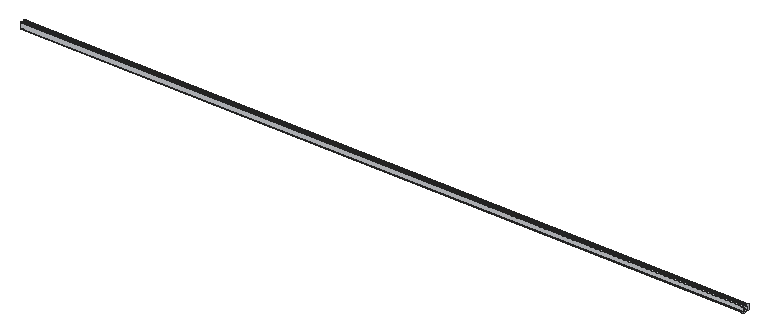
Revit family "Montageschiene 45- 45-1,5  6m fbv Langloch 2D", category HLS-Bauteile, Revit 2023
Family settings
  Bemaßung runder Anschluss = Durchmesser verwenden
  Teiletyp = Normal
  Arbeitsebenenbasiert = Ja
  Immer vertikal = Nein
  Beim Laden mit Abzugskörper schneiden = Nein
  Beschriftungsausrichtung beibehalten = Nein
  Gemeinsam genutzt = Ja
  Raumberechnungspunkt = Nein
Parameters
  vpe = "60"
  Widerstandsmoment Wz = "3.71 cm³"
  Widerstandsmoment Wy = "2.71 cm³"
  Default Elevation = 1219.2 mm
  Trägheitsradius iz = "1.91 cm"
  Trägheitsradius iy = "1.64 cm"
  Torsionswiderstandsmoment Wt = " cm³"
  Stärke = 1.5 mm
  Streckgrenze = "250 N/mm²"
  Schwerpunktabstand ez = "2.25 cm"
  Schwerpunktabstand eu = "2.27 cm"
  Schwerpunktabstand eo = "2.23 cm"
  Schlitzbreite = "22 mm"
  Regelhalter [instance] = ""
  Profiltyp = "45/45"
  Profil = "C-Profil"
  Oberflaeche = "feuerbandverzinkt"
  Montagelänge [instance] = 6000 mm
  Mengeneinheit = "m"
  Materialname = "S250"
  Material = "Stahl"
  Länge = 6000 mm
  Lochdurchmesser = "14.00 mm"
  Langloch = "14.0 x 45.0 mm"
  Kurztext2 = "45 / 45 / 1,5 mm L= 6 m fbv"
  Kurztext1 = "Montageschiene C-Profil"
  Höhe = "45 mm"
  Gewicht pro Stück [instance] = (Gewicht * Montagelänge / (1000 mm * 1000 mm)) * 1000 mm  # 11.34 kg
  Gewicht pro Bauteil [instance] = Gewicht pro Stück  # 11.34 kg
  Gewicht = 1.89 kg
  Gesamtlänge [instance] = Montagelänge  # 6000 mm
  Gesamtgewicht [instance] = Gewicht pro Bauteil  # 11.34 kg
  Fläche (schwächster Profilquerschnitt) = 0.000229 m²
  Firma = "MEFA Befestigungs- und Montagesysteme GmbH"
  Fabrikat = "MEFA"
  Erweiterung Langloch = " mm"
  EAN = "4250928448071"
  Bund = "360 m"
  Breite = 45 mm
  Artikelnummer = "082045615"
  Anzahl Langloch [instance] = Montagelänge / 105 mm  # 57
  Abmessung = "45/45/1.5 mm"
Reference planes
  plane 1 "Mitte (Vorne/hinten)": y = 0
  plane 2: z = 0
  plane 3 "Mitte (Links/rechts)": x = 0
  plane 4: x = 6000
Forms (mm)
  Extrusion 1, solid, detail levels fine
    sketch origin (0, 0, 0) x (0, 1, 0) y (0, 0, 1)
      loop
        arc (19, 0) -> (20.768, 0.732) -> (21.5, 2.5) r 2.5
        line (21.5, 2.5) -> (21.5, 42)
        arc (21.5, 42) -> (20.621, 44.121) -> (18.5, 45) r 3
        line (18.5, 45) -> (12, 45)
        arc (12, 45) -> (11.293, 44.707) -> (11, 44) r 1
        line (11, 44) -> (11, 37.5) -> (12.5, 37.5) -> (12.5, 43.5) -> (18.5, 43.5)
        arc (18.5, 43.5) -> (19.561, 43.061) -> (20, 42) r 1.5
        line (20, 42) -> (20, 2.5)
        arc (20, 2.5) -> (19.707, 1.793) -> (19, 1.5) r 1
        line (19, 1.5) -> (-19, 1.5)
        arc (-19, 1.5) -> (-19.707, 1.793) -> (-20, 2.5) r 1
        line (-20, 2.5) -> (-20, 42)
        arc (-20, 42) -> (-19.561, 43.061) -> (-18.5, 43.5) r 1.5
        line (-18.5, 43.5) -> (-12.5, 43.5) -> (-12.5, 37.5) -> (-11, 37.5) -> (-11, 44)
        arc (-11, 44) -> (-11.293, 44.707) -> (-12, 45) r 1
        line (-12, 45) -> (-18.5, 45)
        arc (-18.5, 45) -> (-20.621, 44.121) -> (-21.5, 42) r 3
        line (-21.5, 42) -> (-21.5, 2.5)
        arc (-21.5, 2.5) -> (-20.768, 0.732) -> (-19, 0) r 2.5
        line (-19, 0) -> (19, 0)
    from 0 to 6000
  Extrusion 2, solid, detail levels medium
    sketch origin (0, 0, 0) x (0, 1, 0) y (0, 0, 1)
      loop
        line (21.5, 0) -> (21.5, 45) -> (11, 45) -> (11, 37.5) -> (12.5, 37.5) -> (12.5, 43.5) -> (20, 43.5) -> (20, 1.5) -> (-20, 1.5) -> (-20, 43.5) -> (-12.5, 43.5) -> (-12.5, 37.5) -> (-11, 37.5) -> (-11, 45) -> (-21.5, 45) -> (-21.5, 0) -> (21.5, 0)
    from 0 to 6000
  Extrusion 3, solid, detail levels coarse
    sketch origin (0, 0, 0) x (0, 1, 0) y (0, 0, 1)
      loop
        line (21.5, 0) -> (21.5, 45) -> (-21.5, 45) -> (-21.5, 0) -> (21.5, 0)
    from 0 to 6000
Dimensions and locks
  "Montagelänge": plane 4 to plane 3 "Mitte (Links/rechts)"
  equal spacing: group 1, group 2, group 3, group 4, group 5, group 6, group 7, group 8, group 9, group 10, group 11, group 12, group 13, group 14, group 15, group 16, group 17, group 18, group 19, group 20, group 21, group 22, group 23, group 24, group 25, group 26, group 27, group 28, group 29, group 30, group 31, group 32, group 33, group 34, group 35, group 36, group 37, group 38, group 39, group 40, group 41, group 42, group 43, group 44, group 45, group 46, group 47, group 48, group 49, group 50, group 51, group 52, group 53, group 54, group 55, group 56, group 57  (x3)
  aligned and locked: level to plane 2
  aligned and locked: plane 4 to Extrusion 1
  aligned and locked: Extrusion 1 to plane 4
  aligned and locked: plane 4 to Extrusion 2
  aligned and locked: plane 4 to Extrusion 3
  aligned and locked: Extrusion 1 to plane 3 "Mitte (Links/rechts)"
  aligned and locked: Extrusion 2 to plane 3 "Mitte (Links/rechts)"
  aligned and locked: Extrusion 3 to plane 3 "Mitte (Links/rechts)"
  aligned and locked: nested 1 to plane 1 "Mitte (Vorne/hinten)"
Automatic sketch dimensions
  Extrusion 1 sketch curve to Extrusion 1 sketch curve = 0 mm  (x9)
  Extrusion 1 sketch curve to level = 0 mm
  level to Extrusion 1 sketch curve = 2.5 mm
  plane 1 "Mitte (Vorne/hinten)" to Extrusion 1 sketch curve = 21.5 mm
  Extrusion 1 sketch curve to Extrusion 1 sketch curve = 1 mm  (x3)
  Extrusion 1 sketch curve to Extrusion 1 sketch curve = 1.5 mm  (x2)
  Extrusion 1 sketch curve to Extrusion 1 sketch curve = 6 mm  (x2)
  Extrusion 1 sketch curve to Extrusion 1 sketch curve = 0.5 mm  (x2)
  Extrusion 1 sketch curve to plane 1 "Mitte (Vorne/hinten)" = 11 mm
  Extrusion 1 sketch curve to plane 1 "Mitte (Vorne/hinten)" = 19 mm
  Extrusion 1 sketch curve to Extrusion 1 sketch curve = 35 mm
  Extrusion 1 sketch curve to Extrusion 1 sketch curve = 4.5 mm  (x2)
  plane 1 "Mitte (Vorne/hinten)" to Extrusion 2 sketch curve = 21.5 mm
  Extrusion 2 sketch curve to Extrusion 2 sketch curve = 1.5 mm  (x7)
  Extrusion 2 sketch curve to plane 1 "Mitte (Vorne/hinten)" = 11 mm
  Extrusion 2 sketch curve to Extrusion 2 sketch curve = 0 mm
  Extrusion 2 sketch curve to Extrusion 2 sketch curve = 6 mm  (x2)
  Extrusion 2 sketch curve to Extrusion 2 sketch curve = 7.5 mm  (x2)
  level to Extrusion 2 sketch curve = 0 mm
  Extrusion 2 sketch curve to Extrusion 2 sketch curve = 36 mm
  Extrusion 3 sketch curve to level = 0 mm
  plane 1 "Mitte (Vorne/hinten)" to Extrusion 3 sketch curve = 21.5 mm
  Extrusion 3 sketch curve to plane 1 "Mitte (Vorne/hinten)" = 21.5 mm
  Extrusion 3 sketch curve to Extrusion 3 sketch curve = 45 mm
Nested families
  nested 1: "Langloch 14 x 45 14 2D" at (52.498, 0, 0) x (1, 0, 0) z (0, 0, -1), type "Langloch 14 x 45 14 2D", detail levels fine
  nested 2: "Langloch 14 x 45 14 2D" at (157.498, 0, 0) x (1, 0, 0) z (0, 0, -1), type "Langloch 14 x 45 14 2D", detail levels fine
  nested 3: "Langloch 14 x 45 14 2D" at (262.498, 0, 0) x (1, 0, 0) z (0, 0, -1), type "Langloch 14 x 45 14 2D", detail levels fine
  nested 4: "Langloch 14 x 45 14 2D" at (367.498, 0, 0) x (1, 0, 0) z (0, 0, -1), type "Langloch 14 x 45 14 2D", detail levels fine
  nested 5: "Langloch 14 x 45 14 2D" at (472.498, 0, 0) x (1, 0, 0) z (0, 0, -1), type "Langloch 14 x 45 14 2D", detail levels fine
  nested 6: "Langloch 14 x 45 14 2D" at (577.498, 0, 0) x (1, 0, 0) z (0, 0, -1), type "Langloch 14 x 45 14 2D", detail levels fine
  nested 7: "Langloch 14 x 45 14 2D" at (682.498, 0, 0) x (1, 0, 0) z (0, 0, -1), type "Langloch 14 x 45 14 2D", detail levels fine
  nested 8: "Langloch 14 x 45 14 2D" at (787.498, 0, 0) x (1, 0, 0) z (0, 0, -1), type "Langloch 14 x 45 14 2D", detail levels fine
  nested 9: "Langloch 14 x 45 14 2D" at (892.498, 0, 0) x (1, 0, 0) z (0, 0, -1), type "Langloch 14 x 45 14 2D", detail levels fine
  nested 10: "Langloch 14 x 45 14 2D" at (997.498, 0, 0) x (1, 0, 0) z (0, 0, -1), type "Langloch 14 x 45 14 2D", detail levels fine
  nested 11: "Langloch 14 x 45 14 2D" at (1102.498, 0, 0) x (1, 0, 0) z (0, 0, -1), type "Langloch 14 x 45 14 2D", detail levels fine
  nested 12: "Langloch 14 x 45 14 2D" at (1207.498, 0, 0) x (1, 0, 0) z (0, 0, -1), type "Langloch 14 x 45 14 2D", detail levels fine
  nested 13: "Langloch 14 x 45 14 2D" at (1312.498, 0, 0) x (1, 0, 0) z (0, 0, -1), type "Langloch 14 x 45 14 2D", detail levels fine
  nested 14: "Langloch 14 x 45 14 2D" at (1417.498, 0, 0) x (1, 0, 0) z (0, 0, -1), type "Langloch 14 x 45 14 2D", detail levels fine
  nested 15: "Langloch 14 x 45 14 2D" at (1522.498, 0, 0) x (1, 0, 0) z (0, 0, -1), type "Langloch 14 x 45 14 2D", detail levels fine
  nested 16: "Langloch 14 x 45 14 2D" at (1627.498, 0, 0) x (1, 0, 0) z (0, 0, -1), type "Langloch 14 x 45 14 2D", detail levels fine
  nested 17: "Langloch 14 x 45 14 2D" at (1732.498, 0, 0) x (1, 0, 0) z (0, 0, -1), type "Langloch 14 x 45 14 2D", detail levels fine
  nested 18: "Langloch 14 x 45 14 2D" at (1837.498, 0, 0) x (1, 0, 0) z (0, 0, -1), type "Langloch 14 x 45 14 2D", detail levels fine
  nested 19: "Langloch 14 x 45 14 2D" at (1942.498, 0, 0) x (1, 0, 0) z (0, 0, -1), type "Langloch 14 x 45 14 2D", detail levels fine
  nested 20: "Langloch 14 x 45 14 2D" at (2047.498, 0, 0) x (1, 0, 0) z (0, 0, -1), type "Langloch 14 x 45 14 2D", detail levels fine
  nested 21: "Langloch 14 x 45 14 2D" at (2152.498, 0, 0) x (1, 0, 0) z (0, 0, -1), type "Langloch 14 x 45 14 2D", detail levels fine
  nested 22: "Langloch 14 x 45 14 2D" at (2257.498, 0, 0) x (1, 0, 0) z (0, 0, -1), type "Langloch 14 x 45 14 2D", detail levels fine
  nested 23: "Langloch 14 x 45 14 2D" at (2362.498, 0, 0) x (1, 0, 0) z (0, 0, -1), type "Langloch 14 x 45 14 2D", detail levels fine
  nested 24: "Langloch 14 x 45 14 2D" at (2467.498, 0, 0) x (1, 0, 0) z (0, 0, -1), type "Langloch 14 x 45 14 2D", detail levels fine
  nested 25: "Langloch 14 x 45 14 2D" at (2572.498, 0, 0) x (1, 0, 0) z (0, 0, -1), type "Langloch 14 x 45 14 2D", detail levels fine
  nested 26: "Langloch 14 x 45 14 2D" at (2677.498, 0, 0) x (1, 0, 0) z (0, 0, -1), type "Langloch 14 x 45 14 2D", detail levels fine
  nested 27: "Langloch 14 x 45 14 2D" at (2782.498, 0, 0) x (1, 0, 0) z (0, 0, -1), type "Langloch 14 x 45 14 2D", detail levels fine
  nested 28: "Langloch 14 x 45 14 2D" at (2887.498, 0, 0) x (1, 0, 0) z (0, 0, -1), type "Langloch 14 x 45 14 2D", detail levels fine
  nested 29: "Langloch 14 x 45 14 2D" at (2992.498, 0, 0) x (1, 0, 0) z (0, 0, -1), type "Langloch 14 x 45 14 2D", detail levels fine
  nested 30: "Langloch 14 x 45 14 2D" at (3097.498, 0, 0) x (1, 0, 0) z (0, 0, -1), type "Langloch 14 x 45 14 2D", detail levels fine
  nested 31: "Langloch 14 x 45 14 2D" at (3202.498, 0, 0) x (1, 0, 0) z (0, 0, -1), type "Langloch 14 x 45 14 2D", detail levels fine
  nested 32: "Langloch 14 x 45 14 2D" at (3307.498, 0, 0) x (1, 0, 0) z (0, 0, -1), type "Langloch 14 x 45 14 2D", detail levels fine
  nested 33: "Langloch 14 x 45 14 2D" at (3412.498, 0, 0) x (1, 0, 0) z (0, 0, -1), type "Langloch 14 x 45 14 2D", detail levels fine
  nested 34: "Langloch 14 x 45 14 2D" at (3517.498, 0, 0) x (1, 0, 0) z (0, 0, -1), type "Langloch 14 x 45 14 2D", detail levels fine
  nested 35: "Langloch 14 x 45 14 2D" at (3622.498, 0, 0) x (1, 0, 0) z (0, 0, -1), type "Langloch 14 x 45 14 2D", detail levels fine
  nested 36: "Langloch 14 x 45 14 2D" at (3727.498, 0, 0) x (1, 0, 0) z (0, 0, -1), type "Langloch 14 x 45 14 2D", detail levels fine
  nested 37: "Langloch 14 x 45 14 2D" at (3832.498, 0, 0) x (1, 0, 0) z (0, 0, -1), type "Langloch 14 x 45 14 2D", detail levels fine
  nested 38: "Langloch 14 x 45 14 2D" at (3937.498, 0, 0) x (1, 0, 0) z (0, 0, -1), type "Langloch 14 x 45 14 2D", detail levels fine
  nested 39: "Langloch 14 x 45 14 2D" at (4042.498, 0, 0) x (1, 0, 0) z (0, 0, -1), type "Langloch 14 x 45 14 2D", detail levels fine
  nested 40: "Langloch 14 x 45 14 2D" at (4147.498, 0, 0) x (1, 0, 0) z (0, 0, -1), type "Langloch 14 x 45 14 2D", detail levels fine
  nested 41: "Langloch 14 x 45 14 2D" at (4252.498, 0, 0) x (1, 0, 0) z (0, 0, -1), type "Langloch 14 x 45 14 2D", detail levels fine
  nested 42: "Langloch 14 x 45 14 2D" at (4357.498, 0, 0) x (1, 0, 0) z (0, 0, -1), type "Langloch 14 x 45 14 2D", detail levels fine
  nested 43: "Langloch 14 x 45 14 2D" at (4462.498, 0, 0) x (1, 0, 0) z (0, 0, -1), type "Langloch 14 x 45 14 2D", detail levels fine
  nested 44: "Langloch 14 x 45 14 2D" at (4567.498, 0, 0) x (1, 0, 0) z (0, 0, -1), type "Langloch 14 x 45 14 2D", detail levels fine
  nested 45: "Langloch 14 x 45 14 2D" at (4672.498, 0, 0) x (1, 0, 0) z (0, 0, -1), type "Langloch 14 x 45 14 2D", detail levels fine
  nested 46: "Langloch 14 x 45 14 2D" at (4777.498, 0, 0) x (1, 0, 0) z (0, 0, -1), type "Langloch 14 x 45 14 2D", detail levels fine
  nested 47: "Langloch 14 x 45 14 2D" at (4882.498, 0, 0) x (1, 0, 0) z (0, 0, -1), type "Langloch 14 x 45 14 2D", detail levels fine
  nested 48: "Langloch 14 x 45 14 2D" at (4987.498, 0, 0) x (1, 0, 0) z (0, 0, -1), type "Langloch 14 x 45 14 2D", detail levels fine
  nested 49: "Langloch 14 x 45 14 2D" at (5092.498, 0, 0) x (1, 0, 0) z (0, 0, -1), type "Langloch 14 x 45 14 2D", detail levels fine
  nested 50: "Langloch 14 x 45 14 2D" at (5197.498, 0, 0) x (1, 0, 0) z (0, 0, -1), type "Langloch 14 x 45 14 2D", detail levels fine
  nested 51: "Langloch 14 x 45 14 2D" at (5302.498, 0, 0) x (1, 0, 0) z (0, 0, -1), type "Langloch 14 x 45 14 2D", detail levels fine
  nested 52: "Langloch 14 x 45 14 2D" at (5407.498, 0, 0) x (1, 0, 0) z (0, 0, -1), type "Langloch 14 x 45 14 2D", detail levels fine
  nested 53: "Langloch 14 x 45 14 2D" at (5512.498, 0, 0) x (1, 0, 0) z (0, 0, -1), type "Langloch 14 x 45 14 2D", detail levels fine
  nested 54: "Langloch 14 x 45 14 2D" at (5617.498, 0, 0) x (1, 0, 0) z (0, 0, -1), type "Langloch 14 x 45 14 2D", detail levels fine
  nested 55: "Langloch 14 x 45 14 2D" at (5722.498, 0, 0) x (1, 0, 0) z (0, 0, -1), type "Langloch 14 x 45 14 2D", detail levels fine
  nested 56: "Langloch 14 x 45 14 2D" at (5827.498, 0, 0) x (1, 0, 0) z (0, 0, -1), type "Langloch 14 x 45 14 2D", detail levels fine
  nested 57: "Langloch 14 x 45 14 2D" at (5932.498, 0, 0) x (1, 0, 0) z (0, 0, -1), type "Langloch 14 x 45 14 2D", detail levels fine
Definition of nested family "Langloch 14 x 45 14 2D"
  Parameters (values of type "Langloch 14 x 45 14 2D")
    Default Elevation = 1219.2 mm
  Reference planes
    plane 1 "Mitte (Vorne/hinten)": y = 0
    plane 2: z = 0
    plane 3 "Mitte (Links/rechts)": x = 0
  Forms (mm)
    Extrusion 1, solid
      sketch origin (0, 0, 0) x (1, 0, 0) y (0, 1, 0)
        loop
          line (-1219.2, 1219.2) -> (-1219.2, -1219.2) -> (1219.2, -1219.2) -> (1219.2, 1219.2) -> (-1219.2, 1219.2)
      from 0 to -304.8
  Lines and regions (mm)
    model lines
      curve 1: line (-15.498, 7, 0) -> (15.502, 7, 0)
      curve 2: line (-15.498, -7, 0) -> (15.502, -7, 0)
      curve 3: arc (15.502, 7, 0) -> (22.502, 0, 0) -> (15.502, -7, 0) r 7
      curve 6: arc (-15.498, 7, 0) -> (-22.498, 0, 0) -> (-15.498, -7, 0) r 7
      curve 7: line (-15.692, 7.5, 0) -> (-15.692, -7.5, 0)
      curve 8: line (-24.531, 0, 0) -> (24.555, 0, 0)
      curve 9: line (15.692, 7.5, 0) -> (15.692, -7.5, 0)
      curve 10: circle (52.502, 0, 0) r 7 normal (0, 0, 1)
      curve 11: line (52.502, 7.5, 0) -> (52.502, -7.5, 0)
      curve 13: line (42.937, 0, 0) -> (62.034, 0, 0)
    model lines, detail levels fine
      curve 4: line (-15.692, 0, 10) -> (-15.692, 0, -10)
      curve 5: line (15.692, 0, 10) -> (15.692, 0, -10)
      curve 12: line (52.502, 0, 10) -> (52.502, 0, -10)
  Dimensions and locks
    aligned and locked: plane 2 to Extrusion 1
    aligned and locked: level to Extrusion 1
